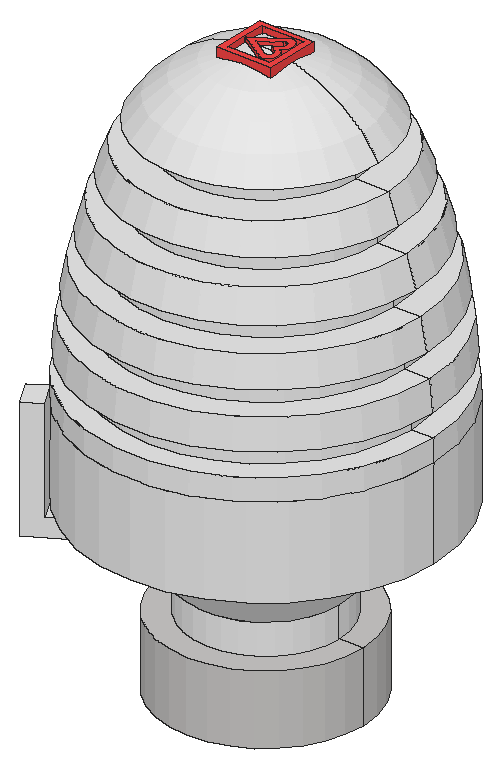
Revit family "HERZ-Design-Thermostatkopf M28x1.5 9230", category Rohrzubehör, Revit 2018
Family settings
  Bemaßung runder Anschluss = Durchmesser verwenden
  Teiletyp = Normal
  OmniClass-Nummer = 23.65.55.14
  OmniClass-Titel = Valves for Liquid Services
  Arbeitsebenenbasiert = Nein
  Immer vertikal = Nein
  Beim Laden mit Abzugskörper schneiden = Nein
  Gemeinsam genutzt = Nein
Parameters
  URL = "www.herz-armaturen.at"
  Sollwertbereich Frostsicherung = "6-30°C"  # constant formula
  Sollwertbereich = "0-30°C"  # constant formula
  S02 = 60.000 mm  # constant formula
  S01 = 90.000 mm  # constant formula
  Hersteller = "HERZ Armaturen Ges.m.b.H."  # constant formula
  Handrad = "Kunststoff, weiß"  # constant formula
  Funktionsweise = "Der HERZ-Thermostat dient als Fühl- und Regelelement. Durch die Volumsänderung der Flüssigkeitsfüllung im HERZHydrosensor wird die Schubspindel des Ventils bewegt."
  Frostsicherung = 6 °C  # constant formula
  Bestellnummer = 1923006  # constant formula
  Ausführungen = "Heizkörperthermostat mit Flüssigkeitsfühler (Hydrosensor)\r\nmit Stellung „0“, Frostsicherung einstellbar, mit Begrenzung und Blockierung des Sollwertbereiches.\r\nHandradfarbe weiß"
  Anwendungen = "Zur Montage auf allen HERZ-Ventilen, die für thermostatischen Betrieb eingerichtet sind."
Reference planes
  plane 1 "Mitte (Vorne/hinten)": y = 0
  plane 2: z = 0
  plane 3 "Mitte (Links/rechts)": x = 0
Forms (mm)
  Revolve 1, solid, material "Kunststoff weiß", detail levels fine
    sketch origin (0, 0, 0) x (1, 0, 0) y (0, 0, 1)
      loop
        line (0, 0) -> (0, 90)
        arc (0, 90) -> (-10.767, 87.197) -> (-18.8, 79.5) r 22.08
        arc (-18.8, 79.5) -> (-25.672, 59.356) -> (-28, 38.2) r 97.301
        line (-28, 38.2) -> (-28, 23.2) -> (-23.25, 23.2) -> (-23.25, 20.5) -> (-20.4, 20.5) -> (-20.4, 19.7) -> (-12.2, 11.5) -> (-12.2, 4.8) -> (-13.2, 4.8) -> (-13.2, 0) -> (0, 0)
      axis (0, 90) -> (0, 0)
    angle from 0 to 360
  Extrusion 2, solid, material "Kunststoff weiß", detail levels fine
    sketch origin (0, 0, 0) x (0.866025, 0.5, 0) y (0, 0, 1)
      loop
        line (-28.5, 36.04) -> (-31.75, 36.04) -> (-31.75, 16.2) -> (-20.85, 16.2) -> (-20.85, 20.5) -> (-23.25, 20.5) -> (-23.25, 21.5) -> (-24.578, 19.2) -> (-28.5, 19.2) -> (-28.5, 36.04)
    from 2.5 to -2.5
  Extrusion 3, solid, material "Kunststoff weiß", detail levels fine
    sketch origin (0, 0, 0) x (0, 1, 0) y (0, 0, 1)
      loop
        arc (0.75, 19.2) -> (1.987, 19.713) -> (2.5, 20.95) r 1.75
        line (2.5, 20.95) -> (2.5, 32.2) -> (-2.5, 32.2) -> (-2.5, 20.95)
        arc (-2.5, 20.95) -> (-1.987, 19.713) -> (-0.75, 19.2) r 1.75
        line (-0.75, 19.2) -> (0.75, 19.2)
    from 0 to -31.5
  Revolve 4, solid, material "Messing verzinkt", detail levels fine
    sketch origin (0, 0, 0) x (1, 0, 0) y (0, 0, 1)
      loop
        line (0, 0) -> (0, 6.5) -> (-16.25, 6.5) -> (-16.25, -5) -> (-14, -5) -> (-14, 0) -> (0, 0)
      axis (0, 6.5) -> (0, -5)
    angle from 0 to 360
  Revolve 5, void
    sketch origin (0, 0, 0) x (1, 0, 0) y (0, 0, 1)
      loop
        arc (-18.8, 79.5) -> (-19.64, 77.659) -> (-20.442, 75.8) r 97.301
        line (-20.442, 75.8) -> (-14.951, 75.8) -> (-14.951, 79.5) -> (-18.8, 79.5)
      loop
        line (-27.933, 41.8) -> (-24.226, 41.8) -> (-24.226, 45.5) -> (-27.726, 45.5)
        arc (-27.726, 45.5) -> (-27.847, 43.651) -> (-27.933, 41.8) r 97.301
      loop
        arc (-22.197, 71.3) -> (-22.843, 69.456) -> (-23.452, 67.6) r 97.301
        line (-23.452, 67.6) -> (-18.697, 67.6) -> (-18.697, 71.3) -> (-22.197, 71.3)
      loop
        arc (-24.865, 62.7) -> (-25.326, 60.854) -> (-25.751, 59) r 97.301
        line (-25.751, 59) -> (-21.365, 59) -> (-21.365, 62.7) -> (-24.865, 62.7)
      loop
        arc (-26.692, 54.1) -> (-26.98, 52.253) -> (-27.232, 50.4) r 97.301
        line (-27.232, 50.4) -> (-23.192, 50.4) -> (-23.192, 54.1) -> (-26.692, 54.1)
      axis (0, 79.5) -> (0, 41.8)
    angle from 0 to 360
Cuts and joins
  Revolve 5 cuts Revolve 1
Lines and regions (mm)
  model lines, detail levels coarse+medium
    curve 1: line (0, 0, 0) -> (0, 0, 30)
    curve 2: line (0, 0, 0) -> (30, 0, 0)
    curve 3: circle (0, 0, 60) r 30 normal (0, -1, 0)
    curve 4: circle (0, 0, 60) r 30 normal (1, 0, 0)
    curve 5: line (0, 0, 40) -> (0, 0, 80)
    curve 6: line (0, 17.5, 80) -> (0, -17.5, 80)
    curve 7: line (0, 0, 40) -> (0, 0, 80)
    curve 8: line (-17.5, 0, 80) -> (17.5, 0, 80)
    curve 9: circle (60, 0, 0) r 30 normal (0, 0, 1)
    curve 10: line (40, 0, 0) -> (80, 0, 0)
    curve 11: line (80, 17.5, 0) -> (80, -17.5, 0)
Dimensions and locks
  nested 1 to plane 2 = 89.000 mm
  "S01": curve 4 to plane 2
  "S01": curve 3 to plane 2
  "S01": plane 3 "Mitte (Links/rechts)" to curve 9
  "S02": diameter of curve 3
  "S02": diameter of curve 4
  "S02": diameter of curve 9
  aligned and locked: level to plane 2
Automatic sketch dimensions
  Revolve 1 sketch curve to level = 0.000 mm
  Revolve 1 sketch curve to plane 3 "Mitte (Links/rechts)" = 0.000 mm  (x2)
  Revolve 1 sketch curve to plane 3 "Mitte (Links/rechts)" = 12.200 mm
  Revolve 1 sketch curve to Revolve 1 sketch curve = 1.000 mm
  Revolve 1 sketch curve to Revolve 1 sketch curve = 8.200 mm  (x2)
  Revolve 1 sketch curve to Revolve 1 sketch curve = 2.850 mm
  Revolve 1 sketch curve to Revolve 1 sketch curve = 4.750 mm
  plane 3 "Mitte (Links/rechts)" to Revolve 1 sketch curve = 69.301 mm
  level to Revolve 1 sketch curve = 4.800 mm
  Revolve 1 sketch curve to Revolve 1 sketch curve = 6.700 mm
  Revolve 1 sketch curve to Revolve 1 sketch curve = 0.800 mm
  Revolve 1 sketch curve to Revolve 1 sketch curve = 2.700 mm
  Revolve 1 sketch curve to Revolve 1 sketch curve = 15.000 mm
  Revolve 1 sketch curve to Revolve 1 sketch curve = 29.720 mm
  Revolve 1 sketch curve to Revolve 1 sketch curve = 22.080 mm
  Revolve 1 sketch curve to level = 366.045 mm
  Revolve 1 sketch curve to Revolve 1 sketch curve = 0.000 mm
  level to Extrusion 2 sketch curve = 36.040 mm
  Extrusion 2 sketch curve to Extrusion 2 sketch curve = 3.250 mm
  Extrusion 2 sketch curve to Extrusion 2 sketch curve = 3.922 mm
  level to Extrusion 2 sketch curve = 21.500 mm
  Extrusion 2 sketch curve to Extrusion 2 sketch curve = 1.328 mm
  Extrusion 2 sketch curve to Extrusion 2 sketch curve = 3.728 mm
  Extrusion 2 sketch curve to Extrusion 2 sketch curve = 1.000 mm
  Extrusion 2 sketch curve to Extrusion 2 sketch curve = 1.300 mm
  Extrusion 2 sketch curve to Extrusion 2 sketch curve = 3.000 mm
  plane 1 "Mitte (Vorne/hinten)" to Extrusion 3 sketch curve = 2.500 mm
  plane 1 "Mitte (Vorne/hinten)" to Extrusion 3 sketch curve = 0.750 mm
  Extrusion 3 sketch curve to plane 1 "Mitte (Vorne/hinten)" = 0.750 mm
  Extrusion 3 sketch curve to plane 1 "Mitte (Vorne/hinten)" = 2.500 mm
  level to Extrusion 3 sketch curve = 19.200 mm
  Extrusion 3 sketch curve to Extrusion 3 sketch curve = 11.250 mm
  Revolve 4 sketch curve to level = 0.000 mm
  Revolve 4 sketch curve to plane 3 "Mitte (Links/rechts)" = 0.000 mm  (x2)
  Revolve 4 sketch curve to level = 5.000 mm
  Revolve 4 sketch curve to plane 3 "Mitte (Links/rechts)" = 14.000 mm
  Revolve 4 sketch curve to Revolve 4 sketch curve = 2.250 mm
  level to Revolve 4 sketch curve = 6.500 mm
  Revolve 4 sketch curve to Revolve 4 sketch curve = 361.045 mm
  Revolve 4 sketch curve to Revolve 4 sketch curve = 2207.815 mm
  Revolve 5 sketch curve to Revolve 5 sketch curve = 0.000 mm  (x20)
  Revolve 5 sketch curve to plane 3 "Mitte (Links/rechts)" = 0.000 mm
  Revolve 5 sketch curve to plane 3 "Mitte (Links/rechts)" = 14.951 mm
  Revolve 5 sketch curve to Revolve 5 sketch curve = 3.746 mm
  Revolve 5 sketch curve to Revolve 5 sketch curve = 3.849 mm
  Revolve 5 sketch curve to Revolve 5 sketch curve = 1.642 mm
  Revolve 5 sketch curve to Revolve 5 sketch curve = 2.668 mm
  Revolve 5 sketch curve to Revolve 5 sketch curve = 3.500 mm  (x4)
  Revolve 5 sketch curve to Revolve 5 sketch curve = 1.827 mm
  Revolve 5 sketch curve to Revolve 5 sketch curve = 1.255 mm
  Revolve 5 sketch curve to Revolve 5 sketch curve = 1.034 mm
  Revolve 5 sketch curve to Revolve 5 sketch curve = 0.886 mm
  Revolve 5 sketch curve to Revolve 5 sketch curve = 0.540 mm
  Revolve 5 sketch curve to Revolve 5 sketch curve = 0.208 mm
  level to Revolve 5 sketch curve = 38.200 mm
  plane 3 "Mitte (Links/rechts)" to Revolve 5 sketch curve = 69.301 mm
  level to Revolve 5 sketch curve = 41.800 mm
  Revolve 5 sketch curve to Revolve 5 sketch curve = 4.900 mm  (x3)
  Revolve 5 sketch curve to Revolve 5 sketch curve = 4.500 mm
  Revolve 5 sketch curve to level = 366.045 mm
  Revolve 5 sketch curve to Revolve 5 sketch curve = 2134.815 mm
  curve 5 to plane 1 "Mitte (Vorne/hinten)" = 0.000 mm
  curve 4 to plane 1 "Mitte (Vorne/hinten)" = 0.000 mm
  plane 1 "Mitte (Vorne/hinten)" to curve 6 = 17.500 mm
  curve 5 to curve 6 = 17.500 mm
  curve 5 to curve 4 = 20.000 mm
  curve 4 to curve 6 = 20.000 mm
  curve 3 to plane 3 "Mitte (Links/rechts)" = 0.000 mm
  curve 7 to plane 3 "Mitte (Links/rechts)" = 0.000 mm
  curve 1 to plane 3 "Mitte (Links/rechts)" = 0.000 mm
  curve 1 to level = 0.000 mm
  curve 8 to curve 7 = 17.500 mm
  plane 3 "Mitte (Links/rechts)" to curve 8 = 17.500 mm
  curve 1 to curve 7 = 10.000 mm
  curve 3 to curve 8 = 20.000 mm
  plane 1 "Mitte (Vorne/hinten)" to curve 2 = 0.000 mm
  curve 2 to plane 3 "Mitte (Links/rechts)" = 0.000 mm
  plane 1 "Mitte (Vorne/hinten)" to curve 10 = 0.000 mm
  plane 1 "Mitte (Vorne/hinten)" to curve 9 = 0.000 mm
  curve 2 to curve 10 = 10.000 mm
  curve 9 to curve 11 = 20.000 mm
  curve 11 to curve 10 = 17.500 mm
  curve 11 to plane 1 "Mitte (Vorne/hinten)" = 17.500 mm
Nested families
  nested 1: "Herz-Logo" at (0, 0, 89) x (0, -1, 0) z (0, 0, 1), type "Herz-Logo", detail levels fine
Definition of nested family "Herz-Logo"
  Reference planes
    plane 1 "Mitte (Vorne/hinten)": y = 0
    plane 2: z = 0
    plane 3 "Mitte (Links/rechts)": x = 0
  Forms (mm)
    Extrusion 1, solid
      sketch origin (0, 0, 0) x (1, 0, 0) y (0, 1, 0)
        loop
          line (-0.018, -4.517) -> (4.482, -4.517) -> (4.482, 4.483) -> (-4.518, 4.483) -> (-4.518, -4.517) -> (-0.018, -4.517)
        loop
          line (-0.05, -3.48) -> (3.482, -3.48) -> (3.482, 3.483) -> (-3.518, 3.483) -> (-3.518, -3.48) -> (-0.05, -3.48)
        loop
          arc (-0.018, 2.383) -> (-1.543, 3.287) -> (-3.067, 2.383) r 1.738
          arc (-3.067, 2.383) -> (-3.191, 1.899) -> (-3.067, 1.415) r 1.009
          line (-3.067, 1.415) -> (-0.018, -3.281) -> (3.032, 1.415)
          arc (3.032, 1.415) -> (3.156, 1.899) -> (3.032, 2.383) r 1.009
          arc (3.032, 2.383) -> (1.507, 3.287) -> (-0.018, 2.383) r 1.738
        loop
          arc (1.885, 1.272) -> (2.005, 1.675) -> (1.885, 2.079) r 0.74
          arc (1.885, 2.079) -> (1.265, 2.416) -> (0.644, 2.079) r 0.74
          line (0.644, 2.079) -> (-0.018, 0.97) -> (-0.679, 2.079)
          arc (-0.679, 2.079) -> (-1.3, 2.416) -> (-1.921, 2.079) r 0.74
          arc (-1.921, 2.079) -> (-2.04, 1.675) -> (-1.921, 1.272) r 0.74
          line (-1.921, 1.272) -> (-0.018, -1.658) -> (1.885, 1.272)
      from 0 to 1.5
  Dimensions and locks
    aligned and locked: level to plane 2
